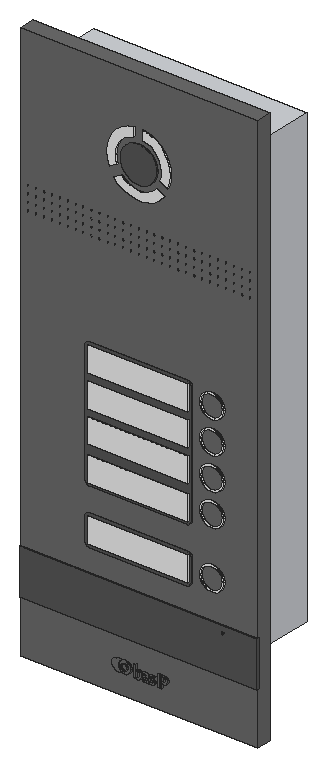
Revit family "BAS-IP_Вызывная панель_BI-04FBI", category Устройства связи, Revit 2019
Family settings
  Сохранять ориентацию аннотаций = Нет
  Размер круглого соединителя = Использовать диаметр
  Тип детали = Нормальный
  На основе рабочей плоскости = Нет
  Всегда вертикально = Да
  При загрузке вырезать с полостями = Нет
  Общий = Нет
  Точка расчета площади = Нет
Parameters (values of type "Черный")
  Цветовое решение = "Черный"
  Цвет = Black
  Угол обзора камеры = "90° (по горизонтали)"
  УГО_Смещение_Y [instance] = 0 mm
  УГО_Смещение_X [instance] = 0 mm
  Тип установки = "Скрытого монтажа, накладной с BR-AA12"
  Тип панели = "Многоабонентская"
  Тип клавиатуры = "Механические кнопки с подсветкой"
  Температурный режим = "-40 – +65 °С"
  Разрешение = "2 Мп"
  Размер самой панели = "156 × 370 × 50 мм"
  Размер под установку = "142 × 358 × 58 мм"
  Потребление питания = "6,5 Вт, в режиме ожидания - 3,6 Вт"
  Питание = "+12 В постоянного тока"
  Ночная подсветка = "6 светодиодов"
  Минимальная освещенность = "0,01 Люкс"
  Корпус = "Алюминий"
  Класс степени защиты = "IP65"
  Камера = "1/3”"
  Изготовитель = "BAS-IP"  # constant formula
  Зона обслуживания [instance] = no
  Дисплей = "Нет"
  Выходное видео = "Full HD (1920 × 1080), H.264 Main Profile"
  IK-код = "IK08"
  ADSK_Размер_Смещение от уровня [instance] = 1000 mm
  ADSK_Примечание [instance] = ""
  ADSK_Позиция [instance] = ""
  ADSK_Наименование = "Многокнопочная вызывная панель на 4 абонента"
  ADSK_Материал = Black silver
  ADSK_Марка = "BI-04FBI Black"
  ADSK_Количество = 1  # constant formula
  ADSK_Код изделия = ""
  ADSK_Завод-изготовитель = "BAS-IP"  # constant formula
  ADSK_Единица измерения = "шт."  # constant formula
Types (2, lengths in mm): name | Цветовое решение | Цвет | ADSK_Материал | ADSK_Марка
  Серебристый | "Серебристый" | Gray silver | Silver | "BI-04FBI Silver"
  Черный | "Черный" | Black | Black silver | "BI-04FBI Black"
Reference planes
  plane 1 "По центру (Вперед/Назад)": y = 0
  plane 2: z = 0
  plane 3 "По центру (Влево/Вправо)": x = 0
  plane 4: z = 1000
  plane 5: z = 0
  plane 6: y = 0
  plane 7: x = 0
Forms (mm)
  Extrusion 1, solid, detail levels medium+fine
    sketch origin (0, 0, 1000) x (1, 0, 0) y (0, 0, 1)
      loop
        line (-70, 350) -> (-70, 50) -> (70, 50) -> (70, 350) -> (-70, 350)
    from -40 to 0
  Extrusion 2, solid, material "Black silver" <- "ADSK_Материал", detail levels medium+fine
    sketch origin (0, -8, 1000) x (1, 0, 0) y (0, 0, 1)
      loop
        line (-78, 0) -> (78, 0) -> (78, 370) -> (-78, 370) -> (-78, 0)
    from -8 to 2
  Extrusion 3, solid, material "Black" <- "Цвет", detail levels fine
    sketch origin (0, -7.5, 1000) x (1, 0, 0) y (0, 0, 1)
      loop
        line (-78, 65) -> (-78, 35) -> (78, 35) -> (78, 65) -> (-78, 65)
    from 2 to 3
  Extrusion 4, void, detail levels fine
    sketch origin (-4.687, -8, 1014.062) x (1, 0, 0) y (0, 0, 1)
      loop
        circle (60.5, 46.187) r 1
    from 0 to 2.5
  Extrusion 5, void, detail levels fine
    sketch origin (-245.846, -8, 1181.931) x (1, 0, 0) y (0, 0, 1)
      loop
        circle (209.254, 97.039) r 0.5
      loop
        circle (204.316, 97.039) r 0.5
      loop
        circle (199.066, 97.039) r 0.5
      loop
        circle (214.754, 97.039) r 0.5
      loop
        circle (220.004, 97.039) r 0.5
      loop
        circle (193.816, 97.039) r 0.5
      loop
        circle (188.629, 97.039) r 0.5
      loop
        circle (183.379, 97.039) r 0.5
      loop
        circle (178.129, 97.039) r 0.5
      loop
        circle (172.879, 97.039) r 0.5
      loop
        circle (225.316, 97.039) r 0.5
      loop
        circle (230.316, 97.039) r 0.5
      loop
        circle (209.254, 92.039) r 0.5
      loop
        circle (204.316, 92.039) r 0.5
      loop
        circle (199.066, 92.039) r 0.5
      loop
        circle (214.754, 92.039) r 0.5
      loop
        circle (220.004, 92.039) r 0.5
      loop
        circle (193.816, 92.039) r 0.5
      loop
        circle (188.629, 92.039) r 0.5
      loop
        circle (183.379, 92.039) r 0.5
      loop
        circle (178.129, 92.039) r 0.5
      loop
        circle (172.879, 92.039) r 0.5
      loop
        circle (225.316, 92.039) r 0.5
      loop
        circle (230.316, 92.039) r 0.5
      loop
        circle (209.254, 87.039) r 0.5
      loop
        circle (204.316, 87.039) r 0.5
      loop
        circle (199.066, 87.039) r 0.5
      loop
        circle (214.754, 87.039) r 0.5
      loop
        circle (220.004, 87.039) r 0.5
      loop
        circle (193.816, 87.039) r 0.5
      loop
        circle (188.629, 87.039) r 0.5
      loop
        circle (183.379, 87.039) r 0.5
      loop
        circle (178.129, 87.039) r 0.5
      loop
        circle (172.879, 87.039) r 0.5
      loop
        circle (225.316, 87.039) r 0.5
      loop
        circle (230.316, 87.039) r 0.5
      loop
        circle (209.254, 82.039) r 0.5
      loop
        circle (204.316, 82.039) r 0.5
      loop
        circle (199.066, 82.039) r 0.5
      loop
        circle (214.754, 82.039) r 0.5
      loop
        circle (220.004, 82.039) r 0.5
      loop
        circle (193.816, 82.039) r 0.5
      loop
        circle (188.629, 82.039) r 0.5
      loop
        circle (183.379, 82.039) r 0.5
      loop
        circle (178.129, 82.039) r 0.5
      loop
        circle (172.879, 82.039) r 0.5
      loop
        circle (225.316, 82.039) r 0.5
      loop
        circle (230.316, 82.039) r 0.5
      loop
        circle (282.437, 97.039) r 0.5
      loop
        circle (287.375, 97.039) r 0.5
      loop
        circle (292.625, 97.039) r 0.5
      loop
        circle (276.937, 97.039) r 0.5
      loop
        circle (271.687, 97.039) r 0.5
      loop
        circle (297.875, 97.039) r 0.5
      loop
        circle (303.062, 97.039) r 0.5
      loop
        circle (308.312, 97.039) r 0.5
      loop
        circle (313.562, 97.039) r 0.5
      loop
        circle (318.812, 97.039) r 0.5
      loop
        circle (266.375, 97.039) r 0.5
      loop
        circle (261.375, 97.039) r 0.5
      loop
        circle (282.437, 92.039) r 0.5
      loop
        circle (287.375, 92.039) r 0.5
      loop
        circle (292.625, 92.039) r 0.5
      loop
        circle (276.937, 92.039) r 0.5
      loop
        circle (271.687, 92.039) r 0.5
      loop
        circle (297.875, 92.039) r 0.5
      loop
        circle (303.062, 92.039) r 0.5
      loop
        circle (308.312, 92.039) r 0.5
      loop
        circle (313.562, 92.039) r 0.5
      loop
        circle (318.812, 92.039) r 0.5
      loop
        circle (266.375, 92.039) r 0.5
      loop
        circle (261.375, 92.039) r 0.5
      loop
        circle (282.437, 87.039) r 0.5
      loop
        circle (287.375, 87.039) r 0.5
      loop
        circle (292.625, 87.039) r 0.5
      loop
        circle (276.937, 87.039) r 0.5
      loop
        circle (271.687, 87.039) r 0.5
      loop
        circle (297.875, 87.039) r 0.5
      loop
        circle (303.062, 87.039) r 0.5
      loop
        circle (308.312, 87.039) r 0.5
      loop
        circle (313.562, 87.039) r 0.5
      loop
        circle (318.812, 87.039) r 0.5
      loop
        circle (266.375, 87.039) r 0.5
      loop
        circle (261.375, 87.039) r 0.5
      loop
        circle (282.437, 82.039) r 0.5
      loop
        circle (287.375, 82.039) r 0.5
      loop
        circle (292.625, 82.039) r 0.5
      loop
        circle (276.937, 82.039) r 0.5
      loop
        circle (271.687, 82.039) r 0.5
      loop
        circle (297.875, 82.039) r 0.5
      loop
        circle (303.062, 82.039) r 0.5
      loop
        circle (308.312, 82.039) r 0.5
      loop
        circle (313.562, 82.039) r 0.5
      loop
        circle (318.812, 82.039) r 0.5
      loop
        circle (266.375, 82.039) r 0.5
      loop
        circle (261.375, 82.039) r 0.5
    from 1 to 2
  Extrusion 6, void, detail levels fine
    sketch origin (-245.846, -8, 1261.931) x (1, 0, 0) y (0, 0, 1)
      loop
        circle (245.846, 17.039) r 0.5
      loop
        circle (245.846, 12.039) r 0.5
      loop
        circle (245.846, 7.039) r 0.5
      loop
        circle (245.846, 2.039) r 0.5
      loop
        circle (240.596, 17.039) r 0.5
      loop
        circle (240.596, 12.039) r 0.5
      loop
        circle (240.596, 7.039) r 0.5
      loop
        circle (240.596, 2.039) r 0.5
      loop
        circle (235.658, 17.039) r 0.5
      loop
        circle (235.658, 12.039) r 0.5
      loop
        circle (235.658, 7.039) r 0.5
      loop
        circle (235.658, 2.039) r 0.5
      loop
        circle (251.096, 17.039) r 0.5
      loop
        circle (251.096, 12.039) r 0.5
      loop
        circle (251.096, 7.039) r 0.5
      loop
        circle (251.096, 2.039) r 0.5
      loop
        circle (256.033, 17.039) r 0.5
      loop
        circle (256.033, 12.039) r 0.5
      loop
        circle (256.033, 7.039) r 0.5
      loop
        circle (256.033, 2.039) r 0.5
    from 0 to 2
  Extrusion 7, solid, material "Black", detail levels fine
    sketch origin (0, -7.5, 1182.003) x (1, 0, 0) y (0, 0, 1)
      loop
        circle (0, 135.001) r 12
    from 2 to 3
  Extrusion 8, solid, material "White", detail levels fine
    sketch origin (0, -7.5, 1182.003) x (1, 0, 0) y (0, 0, 1)
      loop
        arc (-14.192, 130.272) -> (-13.253, 142.888) -> (-3, 150.299) r 15
        line (-3, 150.299) -> (-3, 156.293)
        arc (-3, 156.293) -> (-18.287, 145.815) -> (-19.322, 127.31) r 21
        line (-19.322, 127.31) -> (-14.192, 130.272)
      loop
        line (14.192, 130.272) -> (19.322, 127.31)
        arc (19.322, 127.31) -> (18.287, 145.815) -> (3, 156.293) r 21
        line (3, 156.293) -> (3, 150.299)
        arc (3, 150.299) -> (13.253, 142.888) -> (14.192, 130.272) r 15
      loop
        line (-11.192, 125.075) -> (-16.322, 122.114)
        arc (-16.322, 122.114) -> (0.221, 113.757) -> (16.939, 121.757) r 21
        line (16.939, 121.757) -> (11.749, 124.754)
        arc (11.749, 124.754) -> (0.204, 119.58) -> (-11.192, 125.075) r 15
    from 2 to 3
  Extrusion 9, solid, material "Black" <- "Цвет", detail levels fine
    sketch origin (203.357, -8, 1000) x (1, 0, 0) y (0, 0, 1)
      loop
        arc (-235.552, 201.195) -> (-237.673, 200.316) -> (-238.552, 198.195) r 3
        line (-238.552, 198.195) -> (-238.552, 119.195)
        arc (-238.552, 119.195) -> (-237.673, 117.074) -> (-235.552, 116.195) r 3
        line (-235.552, 116.195) -> (-171.552, 116.195)
        arc (-171.552, 116.195) -> (-169.431, 117.074) -> (-168.552, 119.195) r 3
        line (-168.552, 119.195) -> (-168.552, 198.195)
        arc (-168.552, 198.195) -> (-169.431, 200.316) -> (-171.552, 201.195) r 3
        line (-171.552, 201.195) -> (-235.552, 201.195)
    from 0 to 2.5
  Extrusion 10, solid, material "Black" <- "Цвет", detail levels fine
    sketch origin (203.357, -8, 898.683) x (1, 0, 0) y (0, 0, 1)
      loop
        arc (-235.552, 201.694) -> (-237.673, 200.816) -> (-238.552, 198.694) r 3
        line (-238.552, 198.694) -> (-238.552, 184.295)
        arc (-238.552, 184.295) -> (-237.673, 182.174) -> (-235.552, 181.295) r 3
        line (-235.552, 181.295) -> (-171.552, 181.295)
        arc (-171.552, 181.295) -> (-169.431, 182.174) -> (-168.552, 184.295) r 3
        line (-168.552, 184.295) -> (-168.552, 198.694)
        arc (-168.552, 198.694) -> (-169.431, 200.816) -> (-171.552, 201.694) r 3
        line (-171.552, 201.694) -> (-235.552, 201.694)
    from 0 to 2.5
  Extrusion 11, solid, material "White", detail levels fine
    sketch origin (203.357, -8, 1000) x (1, 0, 0) y (0, 0, 1)
      loop
        circle (-155.269, 191.655) r 8
      loop
        circle (-155.269, 191.655) r 7
      loop
        circle (-155.269, 170.405) r 8
      loop
        circle (-155.269, 170.405) r 7
      loop
        circle (-155.269, 149.105) r 8
      loop
        circle (-155.269, 149.105) r 7
      loop
        circle (-155.269, 127.805) r 8
      loop
        circle (-155.269, 127.805) r 7
    from 0 to 2.5
  Extrusion 12, solid, material "White", detail levels fine
    sketch origin (203.357, -8, 1000) x (1, 0, 0) y (0, 0, 1)
      loop
        circle (-155.269, 89.993) r 8
      loop
        circle (-155.269, 89.993) r 7
    from 0 to 2.5
  Extrusion 13, solid, material "White", detail levels fine
    sketch origin (203.357, -8, 1000) x (1, 0, 0) y (0, 0, 1)
      loop
        line (-236.552, 199.195) -> (-236.552, 182.796) -> (-170.552, 182.796) -> (-170.552, 199.195) -> (-236.552, 199.195)
      loop
        line (-236.552, 134.595) -> (-236.552, 118.195) -> (-170.552, 118.195) -> (-170.552, 134.595) -> (-236.552, 134.595)
      loop
        line (-236.552, 178.032) -> (-236.552, 161.633) -> (-170.552, 161.633) -> (-170.552, 178.032) -> (-236.552, 178.032)
      loop
        line (-236.552, 157.089) -> (-236.552, 140.689) -> (-170.552, 140.689) -> (-170.552, 157.089) -> (-236.552, 157.089)
    from 0 to 3
  Extrusion 14, solid, material "White", detail levels fine
    sketch origin (203.357, -8, 1000) x (1, 0, 0) y (0, 0, 1)
      loop
        line (-236.552, 98.378) -> (-236.552, 81.978) -> (-170.552, 81.978) -> (-170.552, 98.378) -> (-236.552, 98.378)
    from 0 to 3
  Extrusion 15, solid, not visible, detail levels medium+fine
    sketch origin (0, 0, 0) x (1, 0, 0) y (0, 0, 1)
      loop
        line (-70, 350) -> (-70, 50) -> (70, 50) -> (70, 350) -> (-70, 350)
    from -40 to 0
  Extrusion 16, solid, material "Black silver" <- "ADSK_Материал", not visible, detail levels medium+fine
    sketch origin (0, -8, 0) x (1, 0, 0) y (0, 0, 1)
      loop
        line (-78, 0) -> (78, 0) -> (78, 370) -> (-78, 370) -> (-78, 0)
    from -8 to 2
  Extrusion 17, solid, material "Black" <- "Цвет", not visible, detail levels fine
    sketch origin (0, -7.5, 0) x (1, 0, 0) y (0, 0, 1)
      loop
        line (-78, 65) -> (-78, 35) -> (78, 35) -> (78, 65) -> (-78, 65)
    from 2 to 3
  Extrusion 18, void, not visible, detail levels fine
    sketch origin (-4.687, -8, 14.062) x (1, 0, 0) y (0, 0, 1)
      loop
        circle (60.5, 46.187) r 1
    from 0 to 2.5
  Extrusion 19, void, not visible, detail levels fine
    sketch origin (-245.846, -8, 181.931) x (1, 0, 0) y (0, 0, 1)
      loop
        circle (209.254, 97.039) r 0.5
      loop
        circle (204.316, 97.039) r 0.5
      loop
        circle (199.066, 97.039) r 0.5
      loop
        circle (214.754, 97.039) r 0.5
      loop
        circle (220.004, 97.039) r 0.5
      loop
        circle (193.816, 97.039) r 0.5
      loop
        circle (188.629, 97.039) r 0.5
      loop
        circle (183.379, 97.039) r 0.5
      loop
        circle (178.129, 97.039) r 0.5
      loop
        circle (172.879, 97.039) r 0.5
      loop
        circle (225.316, 97.039) r 0.5
      loop
        circle (230.316, 97.039) r 0.5
      loop
        circle (209.254, 92.039) r 0.5
      loop
        circle (204.316, 92.039) r 0.5
      loop
        circle (199.066, 92.039) r 0.5
      loop
        circle (214.754, 92.039) r 0.5
      loop
        circle (220.004, 92.039) r 0.5
      loop
        circle (193.816, 92.039) r 0.5
      loop
        circle (188.629, 92.039) r 0.5
      loop
        circle (183.379, 92.039) r 0.5
      loop
        circle (178.129, 92.039) r 0.5
      loop
        circle (172.879, 92.039) r 0.5
      loop
        circle (225.316, 92.039) r 0.5
      loop
        circle (230.316, 92.039) r 0.5
      loop
        circle (209.254, 87.039) r 0.5
      loop
        circle (204.316, 87.039) r 0.5
      loop
        circle (199.066, 87.039) r 0.5
      loop
        circle (214.754, 87.039) r 0.5
      loop
        circle (220.004, 87.039) r 0.5
      loop
        circle (193.816, 87.039) r 0.5
      loop
        circle (188.629, 87.039) r 0.5
      loop
        circle (183.379, 87.039) r 0.5
      loop
        circle (178.129, 87.039) r 0.5
      loop
        circle (172.879, 87.039) r 0.5
      loop
        circle (225.316, 87.039) r 0.5
      loop
        circle (230.316, 87.039) r 0.5
      loop
        circle (209.254, 82.039) r 0.5
      loop
        circle (204.316, 82.039) r 0.5
      loop
        circle (199.066, 82.039) r 0.5
      loop
        circle (214.754, 82.039) r 0.5
      loop
        circle (220.004, 82.039) r 0.5
      loop
        circle (193.816, 82.039) r 0.5
      loop
        circle (188.629, 82.039) r 0.5
      loop
        circle (183.379, 82.039) r 0.5
      loop
        circle (178.129, 82.039) r 0.5
      loop
        circle (172.879, 82.039) r 0.5
      loop
        circle (225.316, 82.039) r 0.5
      loop
        circle (230.316, 82.039) r 0.5
      loop
        circle (282.437, 97.039) r 0.5
      loop
        circle (287.375, 97.039) r 0.5
      loop
        circle (292.625, 97.039) r 0.5
      loop
        circle (276.937, 97.039) r 0.5
      loop
        circle (271.687, 97.039) r 0.5
      loop
        circle (297.875, 97.039) r 0.5
      loop
        circle (303.062, 97.039) r 0.5
      loop
        circle (308.312, 97.039) r 0.5
      loop
        circle (313.562, 97.039) r 0.5
      loop
        circle (318.812, 97.039) r 0.5
      loop
        circle (266.375, 97.039) r 0.5
      loop
        circle (261.375, 97.039) r 0.5
      loop
        circle (282.437, 92.039) r 0.5
      loop
        circle (287.375, 92.039) r 0.5
      loop
        circle (292.625, 92.039) r 0.5
      loop
        circle (276.937, 92.039) r 0.5
      loop
        circle (271.687, 92.039) r 0.5
      loop
        circle (297.875, 92.039) r 0.5
      loop
        circle (303.062, 92.039) r 0.5
      loop
        circle (308.312, 92.039) r 0.5
      loop
        circle (313.562, 92.039) r 0.5
      loop
        circle (318.812, 92.039) r 0.5
      loop
        circle (266.375, 92.039) r 0.5
      loop
        circle (261.375, 92.039) r 0.5
      loop
        circle (282.437, 87.039) r 0.5
      loop
        circle (287.375, 87.039) r 0.5
      loop
        circle (292.625, 87.039) r 0.5
      loop
        circle (276.937, 87.039) r 0.5
      loop
        circle (271.687, 87.039) r 0.5
      loop
        circle (297.875, 87.039) r 0.5
      loop
        circle (303.062, 87.039) r 0.5
      loop
        circle (308.312, 87.039) r 0.5
      loop
        circle (313.562, 87.039) r 0.5
      loop
        circle (318.812, 87.039) r 0.5
      loop
        circle (266.375, 87.039) r 0.5
      loop
        circle (261.375, 87.039) r 0.5
      loop
        circle (282.437, 82.039) r 0.5
      loop
        circle (287.375, 82.039) r 0.5
      loop
        circle (292.625, 82.039) r 0.5
      loop
        circle (276.937, 82.039) r 0.5
      loop
        circle (271.687, 82.039) r 0.5
      loop
        circle (297.875, 82.039) r 0.5
      loop
        circle (303.062, 82.039) r 0.5
      loop
        circle (308.312, 82.039) r 0.5
      loop
        circle (313.562, 82.039) r 0.5
      loop
        circle (318.812, 82.039) r 0.5
      loop
        circle (266.375, 82.039) r 0.5
      loop
        circle (261.375, 82.039) r 0.5
    from 1 to 2
  Extrusion 20, void, not visible, detail levels fine
    sketch origin (-245.846, -8, 261.931) x (1, 0, 0) y (0, 0, 1)
      loop
        circle (245.846, 17.039) r 0.5
      loop
        circle (245.846, 12.039) r 0.5
      loop
        circle (245.846, 7.039) r 0.5
      loop
        circle (245.846, 2.039) r 0.5
      loop
        circle (240.596, 17.039) r 0.5
      loop
        circle (240.596, 12.039) r 0.5
      loop
        circle (240.596, 7.039) r 0.5
      loop
        circle (240.596, 2.039) r 0.5
      loop
        circle (235.658, 17.039) r 0.5
      loop
        circle (235.658, 12.039) r 0.5
      loop
        circle (235.658, 7.039) r 0.5
      loop
        circle (235.658, 2.039) r 0.5
      loop
        circle (251.096, 17.039) r 0.5
      loop
        circle (251.096, 12.039) r 0.5
      loop
        circle (251.096, 7.039) r 0.5
      loop
        circle (251.096, 2.039) r 0.5
      loop
        circle (256.033, 17.039) r 0.5
      loop
        circle (256.033, 12.039) r 0.5
      loop
        circle (256.033, 7.039) r 0.5
      loop
        circle (256.033, 2.039) r 0.5
    from 0 to 2
  Extrusion 21, solid, material "Black", not visible, detail levels fine
    sketch origin (0, -7.5, 182.003) x (1, 0, 0) y (0, 0, 1)
      loop
        circle (0, 135.001) r 12
    from 2 to 3
  Extrusion 22, solid, material "White", not visible, detail levels fine
    sketch origin (0, -7.5, 182.003) x (1, 0, 0) y (0, 0, 1)
      loop
        arc (-14.192, 130.272) -> (-13.253, 142.888) -> (-3, 150.299) r 15
        line (-3, 150.299) -> (-3, 156.293)
        arc (-3, 156.293) -> (-18.287, 145.815) -> (-19.322, 127.31) r 21
        line (-19.322, 127.31) -> (-14.192, 130.272)
      loop
        line (14.192, 130.272) -> (19.322, 127.31)
        arc (19.322, 127.31) -> (18.287, 145.815) -> (3, 156.293) r 21
        line (3, 156.293) -> (3, 150.299)
        arc (3, 150.299) -> (13.253, 142.888) -> (14.192, 130.272) r 15
      loop
        line (-11.192, 125.075) -> (-16.322, 122.114)
        arc (-16.322, 122.114) -> (0.221, 113.757) -> (16.939, 121.757) r 21
        line (16.939, 121.757) -> (11.749, 124.754)
        arc (11.749, 124.754) -> (0.204, 119.58) -> (-11.192, 125.075) r 15
    from 2 to 3
  Extrusion 23, solid, material "Black" <- "Цвет", not visible, detail levels fine
    sketch origin (203.357, -8, 0) x (1, 0, 0) y (0, 0, 1)
      loop
        arc (-235.552, 201.195) -> (-237.673, 200.316) -> (-238.552, 198.195) r 3
        line (-238.552, 198.195) -> (-238.552, 119.195)
        arc (-238.552, 119.195) -> (-237.673, 117.074) -> (-235.552, 116.195) r 3
        line (-235.552, 116.195) -> (-171.552, 116.195)
        arc (-171.552, 116.195) -> (-169.431, 117.074) -> (-168.552, 119.195) r 3
        line (-168.552, 119.195) -> (-168.552, 198.195)
        arc (-168.552, 198.195) -> (-169.431, 200.316) -> (-171.552, 201.195) r 3
        line (-171.552, 201.195) -> (-235.552, 201.195)
    from 0 to 2.5
  Extrusion 24, solid, material "Black" <- "Цвет", not visible, detail levels fine
    sketch origin (203.357, -8, -101.317) x (1, 0, 0) y (0, 0, 1)
      loop
        arc (-235.552, 201.694) -> (-237.673, 200.816) -> (-238.552, 198.694) r 3
        line (-238.552, 198.694) -> (-238.552, 184.295)
        arc (-238.552, 184.295) -> (-237.673, 182.174) -> (-235.552, 181.295) r 3
        line (-235.552, 181.295) -> (-171.552, 181.295)
        arc (-171.552, 181.295) -> (-169.431, 182.174) -> (-168.552, 184.295) r 3
        line (-168.552, 184.295) -> (-168.552, 198.694)
        arc (-168.552, 198.694) -> (-169.431, 200.816) -> (-171.552, 201.694) r 3
        line (-171.552, 201.694) -> (-235.552, 201.694)
    from 0 to 2.5
  Extrusion 25, solid, material "White", not visible, detail levels fine
    sketch origin (203.357, -8, 0) x (1, 0, 0) y (0, 0, 1)
      loop
        circle (-155.269, 191.655) r 8
      loop
        circle (-155.269, 191.655) r 7
      loop
        circle (-155.269, 170.405) r 8
      loop
        circle (-155.269, 170.405) r 7
      loop
        circle (-155.269, 149.105) r 8
      loop
        circle (-155.269, 149.105) r 7
      loop
        circle (-155.269, 127.805) r 8
      loop
        circle (-155.269, 127.805) r 7
    from 0 to 2.5
  Extrusion 26, solid, material "White", not visible, detail levels fine
    sketch origin (203.357, -8, 0) x (1, 0, 0) y (0, 0, 1)
      loop
        circle (-155.269, 89.993) r 8
      loop
        circle (-155.269, 89.993) r 7
    from 0 to 2.5
  Extrusion 27, solid, material "White", not visible, detail levels fine
    sketch origin (203.357, -8, 0) x (1, 0, 0) y (0, 0, 1)
      loop
        line (-236.552, 199.195) -> (-236.552, 182.796) -> (-170.552, 182.796) -> (-170.552, 199.195) -> (-236.552, 199.195)
      loop
        line (-236.552, 134.595) -> (-236.552, 118.195) -> (-170.552, 118.195) -> (-170.552, 134.595) -> (-236.552, 134.595)
      loop
        line (-236.552, 178.032) -> (-236.552, 161.633) -> (-170.552, 161.633) -> (-170.552, 178.032) -> (-236.552, 178.032)
      loop
        line (-236.552, 157.089) -> (-236.552, 140.689) -> (-170.552, 140.689) -> (-170.552, 157.089) -> (-236.552, 157.089)
    from 0 to 3
  Extrusion 28, solid, material "White", not visible, detail levels fine
    sketch origin (203.357, -8, 0) x (1, 0, 0) y (0, 0, 1)
      loop
        line (-236.552, 98.378) -> (-236.552, 81.978) -> (-170.552, 81.978) -> (-170.552, 98.378) -> (-236.552, 98.378)
    from 0 to 3
Cuts and joins
  Extrusion 4, Extrusion 5, Extrusion 6 cuts Extrusion 2
  Extrusion 4 cuts Extrusion 3
Dimensions and locks
  "ADSK_Размер_Смещение от уровня": plane 4 to plane 2
  "УГО_Смещение_X": plane 3 "По центру (Влево/Вправо)" to plane 7
  "УГО_Смещение_Y": plane 6 to plane 1 "По центру (Вперед/Назад)"
  aligned and locked: level to plane 2
  aligned and locked: cut or joined group of Extrusion 2, Extrusion 4, Extrusion 5, Extrusion 6 to plane 4
  aligned and locked: nested 5 to plane 6
  aligned and locked: plane 7 to nested 5
Automatic sketch dimensions
  Extrusion 1 sketch curve to Extrusion 1 sketch curve = 300 mm
  Extrusion 2 sketch curve to Extrusion 2 sketch curve = 370 mm
  Extrusion 3 sketch curve to Extrusion 3 sketch curve = 30 mm
  Extrusion 5 sketch curve to Extrusion 5 sketch curve = 0 mm  (x86)
  Extrusion 5 sketch curve to Extrusion 5 sketch curve = 5.25 mm  (x20)
  Extrusion 5 sketch curve to Extrusion 5 sketch curve = 5.188 mm  (x3)
  Extrusion 5 sketch curve to Extrusion 5 sketch curve = 4.937 mm  (x8)
  Extrusion 5 sketch curve to Extrusion 5 sketch curve = 5.5 mm  (x4)
  Extrusion 5 sketch curve to Extrusion 5 sketch curve = 5.313 mm  (x3)
  Extrusion 5 sketch curve to Extrusion 5 sketch curve = 5 mm  (x65)
  Extrusion 6 sketch curve to Extrusion 6 sketch curve = 0 mm  (x19)
  Extrusion 6 sketch curve to Extrusion 6 sketch curve = 4.938 mm  (x8)
  Extrusion 6 sketch curve to Extrusion 6 sketch curve = 5 mm  (x9)
  Extrusion 8 sketch curve to Extrusion 8 sketch curve = 3 mm
  Extrusion 8 sketch curve to Extrusion 8 sketch curve = 5.13 mm  (x3)
  Extrusion 8 sketch curve to Extrusion 8 sketch curve = 0.032 mm
  Extrusion 8 sketch curve to Extrusion 8 sketch curve = 2.443 mm
  Extrusion 8 sketch curve to Extrusion 8 sketch curve = 5.191 mm
  Extrusion 8 sketch curve to Extrusion 8 sketch curve = 0.356 mm
  Extrusion 8 sketch curve to Extrusion 8 sketch curve = 2.997 mm
  Extrusion 8 sketch curve to Extrusion 8 sketch curve = 2.962 mm  (x3)
  Extrusion 8 sketch curve to Extrusion 8 sketch curve = 5.196 mm
  Extrusion 8 sketch curve to Extrusion 8 sketch curve = 5.553 mm
  Extrusion 8 sketch curve to Extrusion 8 sketch curve = 0.754 mm
  Extrusion 8 sketch curve to Extrusion 8 sketch curve = 0 mm
  Extrusion 8 sketch curve to Extrusion 8 sketch curve = 0.061 mm  (x2)
  Extrusion 9 sketch curve to Extrusion 9 sketch curve = 3 mm  (x4)
  Extrusion 9 sketch curve to Extrusion 9 sketch curve = 79 mm
  Extrusion 10 sketch curve to Extrusion 10 sketch curve = 3 mm  (x3)
  Extrusion 10 sketch curve to Extrusion 10 sketch curve = 0 mm
  Extrusion 10 sketch curve to Extrusion 10 sketch curve = 14.399 mm
  Extrusion 11 sketch curve to Extrusion 11 sketch curve = 0 mm  (x19)
  Extrusion 11 sketch curve to Extrusion 11 sketch curve = 21.3 mm  (x2)
  Extrusion 11 sketch curve to Extrusion 11 sketch curve = 21.25 mm
  Extrusion 12 sketch curve to Extrusion 12 sketch curve = 0 mm  (x4)
  Extrusion 13 sketch curve to Extrusion 13 sketch curve = 0 mm  (x6)
  Extrusion 13 sketch curve to Extrusion 13 sketch curve = 16.399 mm  (x4)
  Extrusion 13 sketch curve to Extrusion 13 sketch curve = 6.095 mm
  Extrusion 13 sketch curve to Extrusion 13 sketch curve = 4.544 mm
  Extrusion 13 sketch curve to Extrusion 13 sketch curve = 4.764 mm
  Extrusion 14 sketch curve to Extrusion 14 sketch curve = 16.399 mm
  Extrusion 1 sketch curve to Extrusion 1 sketch curve = 140 mm
  Extrusion 2 sketch curve to Extrusion 2 sketch curve = 156 mm
  Extrusion 3 sketch curve to Extrusion 3 sketch curve = 156 mm
  Extrusion 5 sketch curve to Extrusion 5 sketch curve = 31.058 mm
  Extrusion 6 sketch curve to Extrusion 6 sketch curve = 5.25 mm  (x2)
  Extrusion 8 sketch curve to Extrusion 8 sketch curve = 11.192 mm
  Extrusion 8 sketch curve to Extrusion 8 sketch curve = 14.033 mm
  Extrusion 8 sketch curve to Extrusion 8 sketch curve = 0.148 mm  (x2)
  Extrusion 8 sketch curve to Extrusion 8 sketch curve = 0.021 mm
  Extrusion 8 sketch curve to Extrusion 8 sketch curve = 0.403 mm
  Extrusion 8 sketch curve to Extrusion 8 sketch curve = 6 mm
  Extrusion 8 sketch curve to Extrusion 8 sketch curve = 11.335 mm
  Extrusion 9 sketch curve to Extrusion 9 sketch curve = 64 mm
  Extrusion 10 sketch curve to Extrusion 10 sketch curve = 64 mm
  Extrusion 13 sketch curve to Extrusion 13 sketch curve = 66 mm
  Extrusion 14 sketch curve to Extrusion 14 sketch curve = 66 mm
  Extrusion 15 sketch curve to Extrusion 15 sketch curve = 300 mm
  Extrusion 16 sketch curve to Extrusion 16 sketch curve = 370 mm
  Extrusion 17 sketch curve to Extrusion 17 sketch curve = 30 mm
  Extrusion 19 sketch curve to Extrusion 19 sketch curve = 0 mm  (x86)
  Extrusion 19 sketch curve to Extrusion 19 sketch curve = 5.25 mm  (x20)
  Extrusion 19 sketch curve to Extrusion 19 sketch curve = 5.188 mm  (x3)
  Extrusion 19 sketch curve to Extrusion 19 sketch curve = 4.937 mm  (x8)
  Extrusion 19 sketch curve to Extrusion 19 sketch curve = 5.5 mm  (x4)
  Extrusion 19 sketch curve to Extrusion 19 sketch curve = 5.313 mm  (x3)
  Extrusion 19 sketch curve to Extrusion 19 sketch curve = 5 mm  (x65)
  Extrusion 20 sketch curve to Extrusion 20 sketch curve = 0 mm  (x19)
  Extrusion 20 sketch curve to Extrusion 20 sketch curve = 4.938 mm  (x8)
  Extrusion 20 sketch curve to Extrusion 20 sketch curve = 5 mm  (x9)
  Extrusion 22 sketch curve to Extrusion 22 sketch curve = 3 mm
  Extrusion 22 sketch curve to Extrusion 22 sketch curve = 5.13 mm  (x3)
  Extrusion 22 sketch curve to Extrusion 22 sketch curve = 0.032 mm
  Extrusion 22 sketch curve to Extrusion 22 sketch curve = 2.443 mm
  Extrusion 22 sketch curve to Extrusion 22 sketch curve = 5.191 mm
  Extrusion 22 sketch curve to Extrusion 22 sketch curve = 0.356 mm
  Extrusion 22 sketch curve to Extrusion 22 sketch curve = 2.997 mm
  Extrusion 22 sketch curve to Extrusion 22 sketch curve = 2.962 mm  (x3)
  Extrusion 22 sketch curve to Extrusion 22 sketch curve = 5.196 mm
  Extrusion 22 sketch curve to Extrusion 22 sketch curve = 5.553 mm
  Extrusion 22 sketch curve to Extrusion 22 sketch curve = 0.754 mm
  Extrusion 22 sketch curve to Extrusion 22 sketch curve = 0 mm
  Extrusion 22 sketch curve to Extrusion 22 sketch curve = 0.061 mm  (x2)
  Extrusion 23 sketch curve to Extrusion 23 sketch curve = 3 mm  (x4)
  Extrusion 23 sketch curve to Extrusion 23 sketch curve = 79 mm
  Extrusion 24 sketch curve to Extrusion 24 sketch curve = 3 mm  (x3)
  Extrusion 24 sketch curve to Extrusion 24 sketch curve = 0 mm
  Extrusion 24 sketch curve to Extrusion 24 sketch curve = 14.399 mm
  Extrusion 25 sketch curve to Extrusion 25 sketch curve = 0 mm  (x19)
  Extrusion 25 sketch curve to Extrusion 25 sketch curve = 21.3 mm  (x2)
  Extrusion 25 sketch curve to Extrusion 25 sketch curve = 21.25 mm
  Extrusion 26 sketch curve to Extrusion 26 sketch curve = 0 mm  (x4)
  Extrusion 27 sketch curve to Extrusion 27 sketch curve = 0 mm  (x6)
  Extrusion 27 sketch curve to Extrusion 27 sketch curve = 16.399 mm  (x4)
  Extrusion 27 sketch curve to Extrusion 27 sketch curve = 6.095 mm
  Extrusion 27 sketch curve to Extrusion 27 sketch curve = 4.544 mm
  Extrusion 27 sketch curve to Extrusion 27 sketch curve = 4.764 mm
  Extrusion 28 sketch curve to Extrusion 28 sketch curve = 16.399 mm
  Extrusion 15 sketch curve to Extrusion 15 sketch curve = 140 mm
  Extrusion 16 sketch curve to Extrusion 16 sketch curve = 156 mm
  Extrusion 17 sketch curve to Extrusion 17 sketch curve = 156 mm
  Extrusion 19 sketch curve to Extrusion 19 sketch curve = 31.058 mm
  Extrusion 20 sketch curve to Extrusion 20 sketch curve = 5.25 mm  (x2)
  Extrusion 22 sketch curve to Extrusion 22 sketch curve = 11.192 mm
  Extrusion 22 sketch curve to Extrusion 22 sketch curve = 14.033 mm
  Extrusion 22 sketch curve to Extrusion 22 sketch curve = 0.148 mm  (x2)
  Extrusion 22 sketch curve to Extrusion 22 sketch curve = 0.021 mm
  Extrusion 22 sketch curve to Extrusion 22 sketch curve = 0.403 mm
  Extrusion 22 sketch curve to Extrusion 22 sketch curve = 6 mm
  Extrusion 22 sketch curve to Extrusion 22 sketch curve = 11.335 mm
  Extrusion 23 sketch curve to Extrusion 23 sketch curve = 64 mm
  Extrusion 24 sketch curve to Extrusion 24 sketch curve = 64 mm
  Extrusion 27 sketch curve to Extrusion 27 sketch curve = 66 mm
  Extrusion 28 sketch curve to Extrusion 28 sketch curve = 66 mm
  radius of Extrusion 4 sketch curve = 1 mm
  radius of Extrusion 5 sketch curve = 0.5 mm  (x96)
  radius of Extrusion 6 sketch curve = 0.5 mm  (x20)
  radius of Extrusion 7 sketch curve = 12 mm
  radius of Extrusion 11 sketch curve = 8 mm  (x4)
  radius of Extrusion 11 sketch curve = 7 mm  (x4)
  radius of Extrusion 12 sketch curve = 8 mm
  radius of Extrusion 12 sketch curve = 7 mm
  radius of Extrusion 18 sketch curve = 1 mm
  radius of Extrusion 19 sketch curve = 0.5 mm  (x96)
  radius of Extrusion 20 sketch curve = 0.5 mm  (x20)
  radius of Extrusion 21 sketch curve = 12 mm
  radius of Extrusion 25 sketch curve = 8 mm  (x4)
  radius of Extrusion 25 sketch curve = 7 mm  (x4)
  radius of Extrusion 26 sketch curve = 8 mm
  radius of Extrusion 26 sketch curve = 7 mm
Nested families
  nested 1: "BAS-IP_Logo_M" at (1.25, -9.5, 1009.912), Материал <- "ADSK_Материал", type "BAS-IP_Logo_M", detail levels fine
    with Материал Black silver
  nested 2: "Зона обслуживания" at (0, 0, 950), visible <- "Зона обслуживания", type "Зона обслуживания", detail levels fine
    with ADSK_Размер_Ширина 258 mm, ADSK_Размер_Высота 479 mm
  nested 3: "BAS-IP_Logo_M" at (1.25, -9.5, 9.912), Материал <- "ADSK_Материал", type "BAS-IP_Logo_M", not visible, detail levels fine
    with Материал Black silver
  nested 4: "Зона обслуживания" at (0, 0, -50), visible <- "Зона обслуживания", type "Зона обслуживания", not visible, detail levels fine
    with ADSK_Размер_Ширина 258 mm, ADSK_Размер_Высота 479 mm
  nested 5: "УГО_Вызывная панель" at (0, 0, 0), type "УГО_Вызывная панель", detail levels coarse+medium
Connectors
  electrical at (0, 20, 1050)
    settings: on Extrusion 1, index 1, voltage 0 V, apparent load 0 VA, apparent load phase1 0 VA, apparent load phase2 0 VA, apparent load phase3 0 VA, power factor 1, load classification "Прочее", number of poles 1, system type 12, power factor state 1, is connector primary yes, connector utility no, sub classification motor no, connector description ""
Definition of nested family "BAS-IP_Logo_M"
  Parameters (values of type "BAS-IP_Logo_M")
    Материал [instance] = none
  Reference planes
    plane 1 "По центру (Вперед/Назад)": y = 0
    plane 2: z = 0
    plane 3 "По центру (Влево/Вправо)": x = 0
  Forms (mm)
    Extrusion 1, solid, material <- "Материал"
      sketch origin (0, 0, 0) x (1, 0, 0) y (0, 0, 1)
        loop
          circle (-10.243, 7.572) r 4
        loop
          circle (-10.243, 7.572) r 2.5
        loop
          circle (-10.243, 7.572) r 1.243
        loop
          line (-4.278, 11.609) -> (-4.278, 3.732)
          arc (-4.278, 3.732) -> (-2.247, 3.328) -> (-0.257, 3.903) r 4.38
          arc (-0.257, 3.903) -> (0.741, 6.101) -> (0.156, 8.443) r 3.668
          arc (0.156, 8.443) -> (-1.569, 9.278) -> (-3.12, 8.15) r 1.865
          line (-3.12, 8.15) -> (-3.12, 11.609) -> (-4.278, 11.609)
        loop
          line (4.381, 6.953) -> (2.708, 6.953)
          arc (2.708, 6.953) -> (1.143, 5.381) -> (2.193, 3.427) r 1.862
          line (2.193, 3.427) -> (5.385, 3.427)
          spline (5.385, 3.427) -> (5.486, 5.401) -> (5.48, 6.79) -> (5.388, 7.706) -> (5.23, 8.264) -> (5.026, 8.577) -> (4.796, 8.758) -> (4.549, 8.897) -> (4.259, 9.009) -> (3.891, 9.099) -> (3.39, 9.158) -> (2.65, 9.166) -> (1.566, 9.098)
          line (1.566, 9.098) -> (1.566, 8.205) -> (3.504, 8.205)
          arc (3.504, 8.205) -> (4.308, 7.835) -> (4.381, 6.953) r 0.878
        loop
          line (4.435, 6.281) -> (2.787, 6.281)
          arc (2.787, 6.281) -> (2.181, 5.255) -> (2.787, 4.229) r 1.171
          line (2.787, 4.229) -> (4.435, 4.229) -> (4.435, 6.281)
        loop
          line (-3.12, 7.277) -> (-3.12, 4.229)
          spline (-3.12, 4.229) -> (-1.778, 4.351) -> (-1.027, 4.671) -> (-0.608, 5.124) -> (-0.387, 5.678) -> (-0.289, 6.314) -> (-0.287, 6.974) -> (-0.427, 7.548) -> (-0.729, 7.952) -> (-1.126, 8.215) -> (-1.608, 8.34) -> (-2.312, 8.201) -> (-3.12, 7.277)
        loop
          spline (9.581, 9.006) -> (7.442, 9.112) -> (6.715, 8.885) -> (6.189, 8.423) -> (5.956, 7.76) -> (6.101, 7.123) -> (6.592, 6.658) -> (7.485, 6.226) -> (8.365, 5.733) -> (8.728, 5.173) -> (8.637, 4.701) -> (7.962, 4.38) -> (5.949, 4.472)
          line (5.949, 4.472) -> (5.865, 3.511)
          spline (5.865, 3.511) -> (7.993, 3.471) -> (9.031, 3.799) -> (9.606, 4.389) -> (9.789, 5.108) -> (9.608, 5.795) -> (9.176, 6.297) -> (8.515, 6.666) -> (7.712, 7.034) -> (7.093, 7.494) -> (7.013, 7.974) -> (7.796, 8.265) -> (9.507, 8.157)
          line (9.507, 8.157) -> (9.581, 9.006)
        loop
          line (11.296, 11.417) -> (11.296, 3.427) -> (12.325, 3.427) -> (12.325, 11.417) -> (11.296, 11.417)
        loop
          line (13.064, 11.417) -> (13.064, 3.427) -> (14.049, 3.427) -> (14.049, 6.359) -> (15.37, 6.359)
          arc (15.37, 6.359) -> (17.899, 8.888) -> (15.37, 11.417) r 2.529
          line (15.37, 11.417) -> (13.064, 11.417)
        loop
          line (14.049, 7.221) -> (15.318, 7.221)
          arc (15.318, 7.221) -> (16.739, 8.701) -> (15.638, 10.433) r 1.661
          line (15.638, 10.433) -> (14.049, 10.433) -> (14.049, 7.221)
      from 0 to 1
    Extrusion 2, solid, material <- "Материал"
      sketch origin (0, 0, 0) x (1, 0, 0) y (0, 0, 1)
        loop
          arc (-12.57, 10.825) -> (-18.868, 7.551) -> (-12.57, 4.276) r 4
          arc (-12.57, 4.276) -> (-14.235, 7.551) -> (-12.57, 10.825) r 4.053
      from 0 to 1
  Dimensions and locks
    aligned and locked: level to plane 2
Definition of nested family "Зона обслуживания"
  Parameters (values of type "Семейство1")
    Зона обслуживания = none
    ADSK_Размер_Ширина = 200 mm
    ADSK_Размер_Глубина = 120 mm
    ADSK_Размер_Высота = 250 mm
  Reference planes
    plane 1 "По центру (Вперед/Назад)": y = 0
    plane 2: z = 0
    plane 3 "По центру (Влево/Вправо)": x = 0
  Forms (mm)
    Extrusion 1, solid, material <- "Зона обслуживания"
      sketch origin (0, 0, 0) x (1, 0, 0) y (0, 1, 0)
        loop
          line (-100, 0) -> (-100, -120) -> (100, -120) -> (100, 0) -> (-100, 0)
      from 0 to 250 <- "ADSK_Размер_Высота"
  Dimensions and locks
    "ADSK_Размер_Глубина": Extrusion 1 sketch curve to plane 1 "По центру (Вперед/Назад)"
    equal spacing: Extrusion 1 sketch curve, plane 3 "По центру (Влево/Вправо)", Extrusion 1 sketch curve
    "ADSK_Размер_Ширина": Extrusion 1 sketch curve to Extrusion 1 sketch curve
    aligned and locked: level to plane 2
  Automatic sketch dimensions
    plane 1 "По центру (Вперед/Назад)" to Extrusion 1 sketch curve = 0 mm
Definition of nested family "УГО_Вызывная панель"
  Reference planes
    plane 1: y = 0
    plane 2: x = 0
  Lines and regions (mm)
    detail lines
      curve 1: line (-2, 0, 0) -> (2, 0, 0)
      curve 2: line (-2.5, -6.5, 0) -> (-2.5, -0.5, 0)
      curve 3: line (2, -7, 0) -> (-2, -7, 0)
      curve 4: line (2.5, -0.5, 0) -> (2.5, -6.5, 0)
      curve 5: arc (2, 0, 0) -> (2.354, -0.146, 0) -> (2.5, -0.5, 0) r 0.5
      curve 6: arc (-2.5, -0.5, 0) -> (-2.354, -0.146, 0) -> (-2, 0, 0) r 0.5
      curve 7: arc (-2, -7, 0) -> (-2.354, -6.854, 0) -> (-2.5, -6.5, 0) r 0.5
      curve 8: arc (2.5, -6.5, 0) -> (2.354, -6.854, 0) -> (2, -7, 0) r 0.5
      curve 9: line (-1.5, -3.39, 0) -> (1.5, -3.39, 0)
      curve 10: line (-1.5, -5.79, 0) -> (-1.5, -3.39, 0)
      curve 11: line (1.5, -5.19, 0) -> (-1.5, -5.19, 0)
      curve 12: line (1.5, -3.39, 0) -> (1.5, -5.79, 0)
      curve 13: circle (0, -1.5, 0) r 0.6 normal (0, 0, 1)
      curve 14: line (-1.5, -3.99, 0) -> (1.5, -3.99, 0)
      curve 15: line (-1.5, -4.59, 0) -> (1.5, -4.59, 0)
      curve 16: line (-0.5, -5.79, 0) -> (-0.5, -3.39, 0)
      curve 17: line (0.5, -5.79, 0) -> (0.5, -3.39, 0)
      curve 18: line (1.5, -5.79, 0) -> (-1.5, -5.79, 0)
